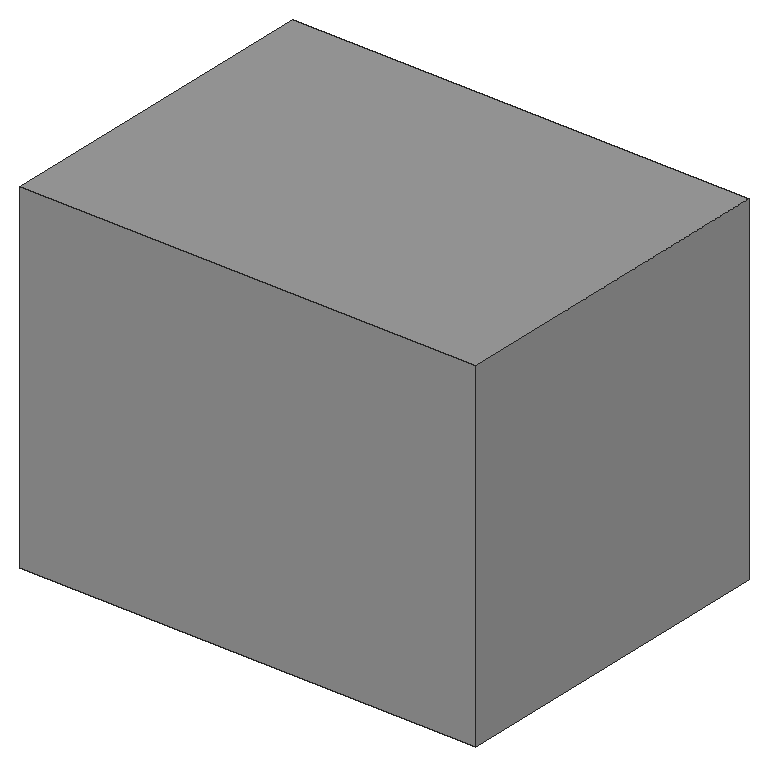
Revit family "Pull Box", category Electrical Fixtures, Revit 2022
Family settings
  Round Connector Dimension = Use Diameter
  Part Type = Normal
  OmniClass Number = 23.80.00.00
  OmniClass Title = Electric Power and Lighting
  Work Plane-Based = No
  Always vertical = Yes
  Cut with Voids When Loaded = No
  Maintain Annotation Orientation = No
  Shared = No
  Room Calculation Point = No
Parameters
  Width [instance] = 40 mm
  SubSquare [instance] = 40 mm
  LargeSquare [instance] = 200 mm
  Height [instance] = 30 mm
  Depth [instance] = 30 mm
  Default Elevation = 0 mm
Reference planes
  plane 1 "Center (Front/Back)": y = 0
  plane 2: z = 0
  plane 3 "Center (Left/Right)": x = 0
  plane 4: y = 15
  plane 5: y = -15
  plane 6: x = -20
  plane 7: x = 20
Forms (mm)
  Extrusion 1, solid, material "Default"
    sketch origin (0, 0, 0) x (1, 0, 0) y (0, 1, 0)
      loop
        line (-20, 15) -> (-20, -15) -> (20, -15) -> (20, 15) -> (-20, 15)
    from -15 to 15
Lines and regions (mm)
  reference lines
    curve 1: line (276.153, 0, 15) -> (-308.847, 0, 15)
    curve 4: line (276.153, 0, -15) -> (-308.847, 0, -15)
  model lines, style "Pull Box Line"
    curve 2: line (-20, 15, 0) -> (20, -15, 0)
    curve 3: line (20, 15, 0) -> (-20, -15, 0)
Dimensions and locks
  equal spacing: plane 6, plane 3 "Center (Left/Right)", plane 7
  "SubSquare": plane 6 to plane 7
  equal spacing: plane 4, plane 1 "Center (Front/Back)", plane 5
  "Width": Extrusion 1 to Extrusion 1
  "Depth": Extrusion 1 to Extrusion 1
  equal spacing: curve 4, level, curve 1
  "Height": Extrusion 1 to Extrusion 1
  aligned and locked: level to plane 2
  aligned and locked: Extrusion 1 sketch curve to plane 4
  aligned and locked: plane 6 to Extrusion 1 sketch curve
  aligned and locked: plane 5 to Extrusion 1 sketch curve
  aligned and locked: Extrusion 1 sketch curve to plane 7
  aligned and locked: Extrusion 1 to curve 1
  aligned and locked: curve 4 to Extrusion 1
Automatic sketch dimensions
  curve 3 to plane 5 = 0 mm
  curve 3 to plane 6 = 0 mm
  curve 2 to plane 4 = 0 mm
  curve 2 to plane 6 = 0 mm
  curve 3 to plane 4 = 0 mm
  curve 3 to plane 7 = 0 mm
  curve 2 to plane 5 = 0 mm
  curve 2 to plane 7 = 0 mm
  level to curve 1 = 15 mm
  curve 1 to plane 6 = 288.847 mm
  curve 1 to curve 4 = 0 mm  (x2)
  plane 7 to curve 4 = 256.153 mm
Connectors
  cabletrayconduit at (0, 0, 15), diameter 16
    settings: on Extrusion 1, index 1, connector width 300 mm, connector height 300 mm, connector angle 0.00°, system type 32, placement type 0, profile type 0, connector reference index -1, is primary connector yes, connector utility param no, connector description "Top"
  cabletrayconduit at (0, 15, 0), diameter 16
    settings: on Extrusion 1, index 2, connector width 300 mm, connector height 300 mm, connector angle 0.00°, system type 32, placement type 0, profile type 0, connector reference index -1, is primary connector no, connector utility param no, connector description "Back"
  cabletrayconduit at (0, -15, 0), diameter 16
    settings: on Extrusion 1, index 3, connector width 300 mm, connector height 300 mm, connector angle 0.00°, system type 32, placement type 0, profile type 0, connector reference index -1, is primary connector no, connector utility param no, connector description "Front"
  cabletrayconduit at (-20, 0, 0), diameter 16
    settings: on Extrusion 1, index 4, connector width 300 mm, connector height 300 mm, connector angle 0.00°, system type 32, placement type 0, profile type 0, connector reference index -1, is primary connector no, connector utility param no, connector description "Left"
  cabletrayconduit at (20, 0, 0), diameter 16
    settings: on Extrusion 1, index 5, connector width 300 mm, connector height 300 mm, connector angle 0.00°, system type 32, placement type 0, profile type 0, connector reference index -1, is primary connector no, connector utility param no, connector description "Right"
  cabletrayconduit at (0, 0, -15), diameter 16
    settings: on Extrusion 1, index 6, connector width 300 mm, connector height 300 mm, connector angle 0.00°, system type 32, placement type 0, profile type 0, connector reference index -1, is primary connector no, connector utility param no, connector description "Bottom"
